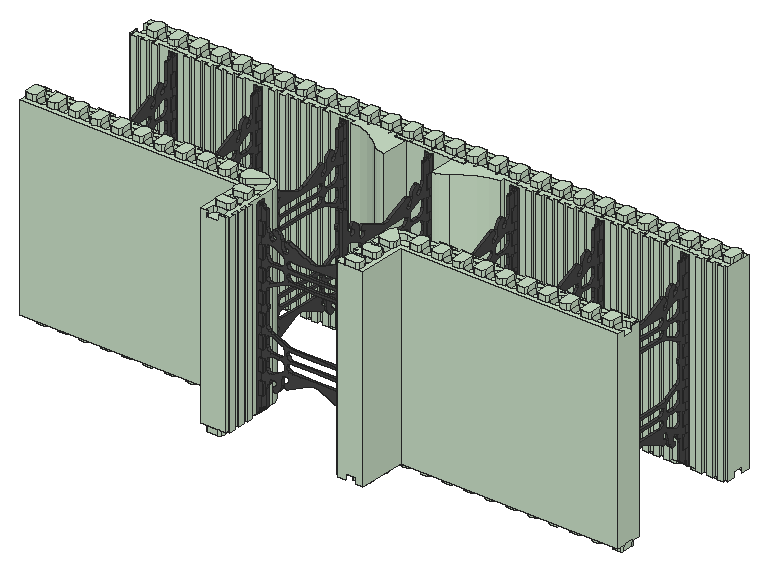
Revit family (continued)
Definition of nested family "Interlock Tooth"
  Forms (in)
    Extrusion 1, solid, material "NUDURA Expanded Polystyrene Foam Insulation"
      sketch origin (0, -8.875, 0) x (1, 0, 0) y (0, 1, 0)
        loop
          arc (0, 3.97692) -> (0.04785, 3.82983) -> (0.17308, 3.73905) r 0.25
          arc (0.17308, 3.73905) -> (0.5, 3.6875) -> (0.82692, 3.73905) r 1.0625
          arc (0.82692, 3.73905) -> (0.95215, 3.82983) -> (1, 3.97692) r 0.25
          line (1, 3.97692) -> (1, 4.89808)
          arc (1, 4.89808) -> (0.95215, 5.04517) -> (0.82692, 5.13595) r 0.25
          arc (0.82692, 5.13595) -> (0.5, 5.1875) -> (0.17308, 5.13595) r 1.0625
          arc (0.17308, 5.13595) -> (0.04785, 5.04517) -> (0, 4.89808) r 0.25
          line (0, 4.89808) -> (0, 3.97692)
      from 18 to 18.5
  Dimensions and locks (in)
    locked: plane 4 to level at 18
    locked: plane 4 to plane 5 at 0.5
    locked: plane 6 to level at 0.5
Definition of nested family "10-inch Insert Web"
  Reference planes (in)
    plane 1 "Center (Front/Back)": y = 0
    plane 2: z = 0
    plane 3 "Center (Left/Right)": x = 0
  Forms (in)
    Extrusion 1, solid, material "High Density Polystyrene"
      sketch origin (0, 0, 0) x (0, 1, 0) y (0, 0, 1)
        loop
          line (5.25, 0) -> (5.25, 17.74583)
          arc (5.25, 17.74583) -> (5.22112, 17.72608) -> (5.21, 17.69292) r 0.055
          line (5.21, 17.69292) -> (5.21, 0.05292)
          arc (5.21, 0.05292) -> (5.22112, 0.01975) -> (5.25, 0) r 0.055
        loop
          arc (-5.25, 0) -> (-5.22112, 0.01975) -> (-5.21, 0.05292) r 0.055
          line (-5.21, 0.05292) -> (-5.21, 17.69292)
          arc (-5.21, 17.69292) -> (-5.22112, 17.72608) -> (-5.25, 17.74583) r 0.055
          line (-5.25, 17.74583) -> (-5.25, 0)
      from 0.36328 to -0.36328
    Extrusion 2, solid, material "High Density Polystyrene"
      sketch origin (0, 0, 0) x (0, 1, 0) y (0, 0, 1)
        loop
          arc (5.18889, 17.40785) -> (5.20374, 17.40241) -> (5.21, 17.38789) r 0.02
          line (5.21, 17.38789) -> (5.21, 17.63668)
          arc (5.21, 17.63668) -> (5.20585, 17.62147) -> (5.19457, 17.61045) r 0.03
          line (5.19457, 17.61045) -> (5.12543, 17.57204)
          arc (5.12543, 17.57204) -> (5.11414, 17.56103) -> (5.11, 17.54582) r 0.03
          line (5.11, 17.54582) -> (5.11, 17.42461)
          arc (5.11, 17.42461) -> (5.11625, 17.41008) -> (5.13111, 17.40464) r 0.02
          line (5.13111, 17.40464) -> (5.18889, 17.40785)
        loop
          line (-5.12543, 17.57204) -> (-5.19457, 17.61045)
          arc (-5.19457, 17.61045) -> (-5.20585, 17.62147) -> (-5.21, 17.63668) r 0.03
          line (-5.21, 17.63668) -> (-5.21, 17.38789)
          arc (-5.21, 17.38789) -> (-5.20374, 17.40241) -> (-5.18889, 17.40785) r 0.02
          line (-5.18889, 17.40785) -> (-5.13111, 17.40464)
          arc (-5.13111, 17.40464) -> (-5.11625, 17.41008) -> (-5.11, 17.42461) r 0.02
          line (-5.11, 17.42461) -> (-5.11, 17.54582)
          arc (-5.11, 17.54582) -> (-5.11414, 17.56103) -> (-5.12543, 17.57204) r 0.03
        loop
          line (5.18889, 0.33798) -> (5.13111, 0.34119)
          arc (5.13111, 0.34119) -> (5.11625, 0.33575) -> (5.11, 0.32122) r 0.02
          line (5.11, 0.32122) -> (5.11, 0.20001)
          arc (5.11, 0.20001) -> (5.11414, 0.1848) -> (5.12543, 0.17379) r 0.03
          line (5.12543, 0.17379) -> (5.19457, 0.13538)
          arc (5.19457, 0.13538) -> (5.20585, 0.12437) -> (5.21, 0.10915) r 0.03
          line (5.21, 0.10915) -> (5.21, 0.35795)
          arc (5.21, 0.35795) -> (5.20374, 0.34342) -> (5.18889, 0.33798) r 0.02
        loop
          arc (-5.12543, 0.17379) -> (-5.11414, 0.1848) -> (-5.11, 0.20001) r 0.03
          line (-5.11, 0.20001) -> (-5.11, 0.32122)
          arc (-5.11, 0.32122) -> (-5.11625, 0.33575) -> (-5.13111, 0.34119) r 0.02
          line (-5.13111, 0.34119) -> (-5.18889, 0.33798)
          arc (-5.18889, 0.33798) -> (-5.20374, 0.34342) -> (-5.21, 0.35795) r 0.02
          line (-5.21, 0.35795) -> (-5.21, 0.10915)
          arc (-5.21, 0.10915) -> (-5.20585, 0.12437) -> (-5.19457, 0.13538) r 0.03
          line (-5.19457, 0.13538) -> (-5.12543, 0.17379)
        loop
          line (5, 17.20772) -> (4.925, 17.43772)
          arc (4.925, 17.43772) -> (4.875, 17.46772) -> (4.825, 17.43772) r 0.05667
          line (4.825, 17.43772) -> (4.77609, 17.28772) -> (4.64893, 17.28772)
          arc (4.64893, 17.28772) -> (4.61433, 17.27339) -> (4.6, 17.2388) r 0.04893
          line (4.6, 17.2388) -> (4.6, 17.20772) -> (4.5, 17.20772) -> (4.5, 15.75595)
          arc (4.5, 15.75595) -> (4.43087, 15.489) -> (4.24086, 15.28915) r 0.55
          arc (4.24086, 15.28915) -> (4.19232, 15.23289) -> (4.1843, 15.15901) r 0.125
          arc (4.1843, 15.15901) -> (3.73923, 14.83241) -> (3.77171, 15.3835) r 0.305
          arc (3.77171, 15.3835) -> (3.89426, 15.66948) -> (3.60829, 15.79202) r 0.22
          arc (3.60829, 15.79202) -> (3.25428, 15.49683) -> (3.14171, 15.04986) r 0.745
          arc (3.14171, 15.04986) -> (3.09808, 14.63491) -> (2.96932, 14.23805) r 2
          arc (2.96932, 14.23805) -> (2.47025, 14.23431) -> (2.63581, 14.70513) r 0.305
          arc (2.63581, 14.70513) -> (2.78874, 15.03658) -> (2.43743, 15.1357) r 0.24
          line (2.43743, 15.1357) -> (0.5, 14.2255)
          arc (0.5, 14.2255) -> (0.25681, 14.13776) -> (0, 14.10798) r 1.12236
          arc (0, 14.10798) -> (-0.25681, 14.13776) -> (-0.5, 14.2255) r 1.12236
          line (-0.5, 14.2255) -> (-2.43743, 15.1357)
          arc (-2.43743, 15.1357) -> (-2.78874, 15.03658) -> (-2.63581, 14.70513) r 0.24
          arc (-2.63581, 14.70513) -> (-2.47025, 14.23431) -> (-2.96932, 14.23805) r 0.305
          arc (-2.96932, 14.23805) -> (-3.09808, 14.63491) -> (-3.14171, 15.04986) r 2
          arc (-3.14171, 15.04986) -> (-3.25428, 15.49683) -> (-3.60829, 15.79202) r 0.745
          arc (-3.60829, 15.79202) -> (-3.89426, 15.66948) -> (-3.77171, 15.3835) r 0.22
          arc (-3.77171, 15.3835) -> (-3.73923, 14.83241) -> (-4.1843, 15.15901) r 0.305
          arc (-4.1843, 15.15901) -> (-4.19232, 15.23289) -> (-4.24086, 15.28915) r 0.125
          arc (-4.24086, 15.28915) -> (-4.43087, 15.489) -> (-4.5, 15.75595) r 0.55
          line (-4.5, 15.75595) -> (-4.5, 17.20772) -> (-4.6, 17.20772) -> (-4.6, 17.2388)
          arc (-4.6, 17.2388) -> (-4.61433, 17.27339) -> (-4.64893, 17.28772) r 0.04893
          line (-4.64893, 17.28772) -> (-4.77609, 17.28772) -> (-4.825, 17.43772)
          arc (-4.825, 17.43772) -> (-4.875, 17.46772) -> (-4.925, 17.43772) r 0.05667
          line (-4.925, 17.43772) -> (-5, 17.20772) -> (-5, 0.66519) -> (-4.925, 0.43519)
          arc (-4.925, 0.43519) -> (-4.875, 0.40519) -> (-4.825, 0.43519) r 0.05667
          line (-4.825, 0.43519) -> (-4.77609, 0.58519) -> (-4.64893, 0.58519)
          arc (-4.64893, 0.58519) -> (-4.61433, 0.59952) -> (-4.6, 0.63412) r 0.04893
          line (-4.6, 0.63412) -> (-4.6, 0.66519) -> (-4.5, 0.66519) -> (-4.5, 2.24405)
          arc (-4.5, 2.24405) -> (-4.43087, 2.511) -> (-4.24086, 2.71085) r 0.55
          arc (-4.24086, 2.71085) -> (-4.19232, 2.76711) -> (-4.1843, 2.84099) r 0.125
          arc (-4.1843, 2.84099) -> (-3.73923, 3.16759) -> (-3.77171, 2.6165) r 0.305
          arc (-3.77171, 2.6165) -> (-3.89426, 2.33052) -> (-3.60829, 2.20798) r 0.22
          arc (-3.60829, 2.20798) -> (-3.25428, 2.50317) -> (-3.14171, 2.95014) r 0.745
          arc (-3.14171, 2.95014) -> (-3.09808, 3.36509) -> (-2.96932, 3.76195) r 2
          arc (-2.96932, 3.76195) -> (-2.47025, 3.76569) -> (-2.63581, 3.29487) r 0.305
          arc (-2.63581, 3.29487) -> (-2.78874, 2.96342) -> (-2.43743, 2.8643) r 0.24
          line (-2.43743, 2.8643) -> (-0.5, 3.7745)
          arc (-0.5, 3.7745) -> (-0.25681, 3.86224) -> (0, 3.89202) r 1.12236
          arc (0, 3.89202) -> (0.25681, 3.86224) -> (0.5, 3.7745) r 1.12236
          line (0.5, 3.7745) -> (2.43743, 2.8643)
          arc (2.43743, 2.8643) -> (2.78874, 2.96342) -> (2.63581, 3.29487) r 0.24
          arc (2.63581, 3.29487) -> (2.47025, 3.76569) -> (2.96932, 3.76195) r 0.305
          arc (2.96932, 3.76195) -> (3.09808, 3.36509) -> (3.14171, 2.95014) r 2
          arc (3.14171, 2.95014) -> (3.25428, 2.50317) -> (3.60829, 2.20798) r 0.745
          arc (3.60829, 2.20798) -> (3.89426, 2.33052) -> (3.77171, 2.6165) r 0.22
          arc (3.77171, 2.6165) -> (3.73923, 3.16759) -> (4.1843, 2.84099) r 0.305
          arc (4.1843, 2.84099) -> (4.19232, 2.76711) -> (4.24086, 2.71085) r 0.125
          arc (4.24086, 2.71085) -> (4.43087, 2.511) -> (4.5, 2.24405) r 0.55
          line (4.5, 2.24405) -> (4.5, 0.66519) -> (4.6, 0.66519) -> (4.6, 0.63412)
          arc (4.6, 0.63412) -> (4.61433, 0.59952) -> (4.64893, 0.58519) r 0.04893
          line (4.64893, 0.58519) -> (4.77609, 0.58519) -> (4.825, 0.43519)
          arc (4.825, 0.43519) -> (4.875, 0.40519) -> (4.925, 0.43519) r 0.05667
          line (4.925, 0.43519) -> (5, 0.66519) -> (5, 17.20772)
        loop
          line (0, 13.70798) -> (-2.02401, 13.70798)
          arc (-2.02401, 13.70798) -> (-2.16288, 13.71227) -> (-2.30123, 13.72512) r 2.25
          arc (-2.30123, 13.72512) -> (-2.48146, 13.58635) -> (-2.6, 13.39222) r 0.62421
          line (-2.6, 13.39222) -> (-2.6, 13.26627)
          arc (-2.6, 13.26627) -> (-2.45481, 13.03646) -> (-2.225, 12.89127) r 0.61747
          line (-2.225, 12.89127) -> (0, 12.89127) -> (2.225, 12.89127)
          arc (2.225, 12.89127) -> (2.45481, 13.03646) -> (2.6, 13.26627) r 0.61747
          line (2.6, 13.26627) -> (2.6, 13.39222)
          arc (2.6, 13.39222) -> (2.48146, 13.58635) -> (2.30123, 13.72512) r 0.62421
          arc (2.30123, 13.72512) -> (2.16288, 13.71227) -> (2.02401, 13.70798) r 2.25
          line (2.02401, 13.70798) -> (0, 13.70798)
        loop
          line (0, 12.71127) -> (-2.22579, 12.71127)
          arc (-2.22579, 12.71127) -> (-2.4551, 12.56606) -> (-2.6, 12.33655) r 0.61747
          line (-2.6, 12.33655) -> (-2.6, 12.21055)
          arc (-2.6, 12.21055) -> (-2.48148, 12.01645) -> (-2.3013, 11.87769) r 0.62421
          arc (-2.3013, 11.87769) -> (-2.16251, 11.89062) -> (-2.02319, 11.89494) r 2.25
          line (-2.02319, 11.89494) -> (0, 11.89494) -> (2.02319, 11.89494)
          arc (2.02319, 11.89494) -> (2.16251, 11.89062) -> (2.3013, 11.87769) r 2.25
          arc (2.3013, 11.87769) -> (2.48148, 12.01645) -> (2.6, 12.21055) r 0.62421
          line (2.6, 12.21055) -> (2.6, 12.33655)
          arc (2.6, 12.33655) -> (2.4551, 12.56606) -> (2.22579, 12.71127) r 0.61747
          line (2.22579, 12.71127) -> (0, 12.71127)
        loop
          line (3.08806, 11.63079) -> (3.96605, 11.21989)
          arc (3.96605, 11.21989) -> (4.32627, 11.24313) -> (4.5, 11.55954) r 0.375
          line (4.5, 11.55954) -> (4.5, 12.08627)
          arc (4.5, 12.08627) -> (4.31694, 12.52821) -> (3.875, 12.71127) r 0.625
          line (3.875, 12.71127) -> (3.3, 12.71127)
          arc (3.3, 12.71127) -> (2.94645, 12.56482) -> (2.8, 12.21127) r 0.5
          line (2.8, 12.21127) -> (2.8, 12.08365)
          arc (2.8, 12.08365) -> (2.87812, 11.81529) -> (3.08806, 11.63079) r 0.5
        loop
          line (4.5, 13.51627) -> (4.5, 14.04299)
          arc (4.5, 14.04299) -> (4.32627, 14.35941) -> (3.96605, 14.38264) r 0.375
          line (3.96605, 14.38264) -> (3.08806, 13.97174)
          arc (3.08806, 13.97174) -> (2.87812, 13.78724) -> (2.8, 13.51888) r 0.5
          line (2.8, 13.51888) -> (2.8, 13.39127)
          arc (2.8, 13.39127) -> (2.94645, 13.03771) -> (3.3, 12.89127) r 0.5
          line (3.3, 12.89127) -> (3.875, 12.89127)
          arc (3.875, 12.89127) -> (4.31694, 13.07433) -> (4.5, 13.51627) r 0.625
        loop
          line (4.21194, 10.90608) -> (2.95372, 11.49492)
          arc (2.95372, 11.49492) -> (2.48851, 11.65338) -> (2, 11.70705) r 2.25
          line (2, 11.70705) -> (0, 11.70705) -> (-2, 11.70705)
          arc (-2, 11.70705) -> (-2.48851, 11.65338) -> (-2.95372, 11.49492) r 2.25
          line (-2.95372, 11.49492) -> (-4.21194, 10.90608)
          arc (-4.21194, 10.90608) -> (-4.42188, 10.72158) -> (-4.5, 10.45322) r 0.5
          line (-4.5, 10.45322) -> (-4.5, 9.31235) -> (-4.38, 9.11235) -> (-4.38, 9) -> (-4.38, 8.88765) -> (-4.5, 8.68765) -> (-4.5, 7.54678)
          arc (-4.5, 7.54678) -> (-4.42188, 7.27842) -> (-4.21194, 7.09392) r 0.5
          line (-4.21194, 7.09392) -> (-2.95372, 6.50508)
          arc (-2.95372, 6.50508) -> (-2.48851, 6.34662) -> (-2, 6.29295) r 2.25
          line (-2, 6.29295) -> (0, 6.29295) -> (2, 6.29295)
          arc (2, 6.29295) -> (2.48851, 6.34662) -> (2.95372, 6.50508) r 2.25
          line (2.95372, 6.50508) -> (4.21194, 7.09392)
          arc (4.21194, 7.09392) -> (4.42188, 7.27842) -> (4.5, 7.54678) r 0.5
          line (4.5, 7.54678) -> (4.5, 8.68765) -> (4.38, 8.88765) -> (4.38, 9) -> (4.38, 9.11235) -> (4.5, 9.31235) -> (4.5, 10.45322)
          arc (4.5, 10.45322) -> (4.42188, 10.72158) -> (4.21194, 10.90608) r 0.5
        loop
          arc (-3.08806, 11.63079) -> (-2.87812, 11.81529) -> (-2.8, 12.08365) r 0.5
          line (-2.8, 12.08365) -> (-2.8, 12.21127)
          arc (-2.8, 12.21127) -> (-2.94645, 12.56482) -> (-3.3, 12.71127) r 0.5
          line (-3.3, 12.71127) -> (-3.875, 12.71127)
          arc (-3.875, 12.71127) -> (-4.31694, 12.52821) -> (-4.5, 12.08627) r 0.625
          line (-4.5, 12.08627) -> (-4.5, 11.55954)
          arc (-4.5, 11.55954) -> (-4.32627, 11.24313) -> (-3.96605, 11.21989) r 0.375
          line (-3.96605, 11.21989) -> (-3.08806, 11.63079)
        loop
          arc (-4.5, 13.51627) -> (-4.31694, 13.07433) -> (-3.875, 12.89127) r 0.625
          line (-3.875, 12.89127) -> (-3.3, 12.89127)
          arc (-3.3, 12.89127) -> (-2.94645, 13.03771) -> (-2.8, 13.39127) r 0.5
          line (-2.8, 13.39127) -> (-2.8, 13.51888)
          arc (-2.8, 13.51888) -> (-2.87812, 13.78724) -> (-3.08806, 13.97174) r 0.5
          line (-3.08806, 13.97174) -> (-3.96605, 14.38264)
          arc (-3.96605, 14.38264) -> (-4.32627, 14.35941) -> (-4.5, 14.04299) r 0.375
          line (-4.5, 14.04299) -> (-4.5, 13.51627)
        loop
          line (0, 4.29202) -> (2.02401, 4.29202)
          arc (2.02401, 4.29202) -> (2.16288, 4.28773) -> (2.30123, 4.27488) r 2.25
          arc (2.30123, 4.27488) -> (2.48146, 4.41365) -> (2.6, 4.60778) r 0.62421
          line (2.6, 4.60778) -> (2.6, 4.73373)
          arc (2.6, 4.73373) -> (2.45481, 4.96354) -> (2.225, 5.10873) r 0.61747
          line (2.225, 5.10873) -> (0, 5.10873) -> (-2.225, 5.10873)
          arc (-2.225, 5.10873) -> (-2.45481, 4.96354) -> (-2.6, 4.73373) r 0.61747
          line (-2.6, 4.73373) -> (-2.6, 4.60778)
          arc (-2.6, 4.60778) -> (-2.48146, 4.41365) -> (-2.30123, 4.27488) r 0.62421
          arc (-2.30123, 4.27488) -> (-2.16288, 4.28773) -> (-2.02401, 4.29202) r 2.25
          line (-2.02401, 4.29202) -> (0, 4.29202)
        loop
          line (0, 5.28873) -> (2.22579, 5.28873)
          arc (2.22579, 5.28873) -> (2.4551, 5.43394) -> (2.6, 5.66345) r 0.61747
          line (2.6, 5.66345) -> (2.6, 5.78945)
          arc (2.6, 5.78945) -> (2.48148, 5.98355) -> (2.3013, 6.12231) r 0.62421
          arc (2.3013, 6.12231) -> (2.16251, 6.10938) -> (2.02319, 6.10506) r 2.25
          line (2.02319, 6.10506) -> (0, 6.10506) -> (-2.02319, 6.10506)
          arc (-2.02319, 6.10506) -> (-2.16251, 6.10938) -> (-2.3013, 6.12231) r 2.25
          arc (-2.3013, 6.12231) -> (-2.48148, 5.98355) -> (-2.6, 5.78945) r 0.62421
          line (-2.6, 5.78945) -> (-2.6, 5.66345)
          arc (-2.6, 5.66345) -> (-2.4551, 5.43394) -> (-2.22579, 5.28873) r 0.61747
          line (-2.22579, 5.28873) -> (0, 5.28873)
        loop
          arc (3.08806, 6.36921) -> (2.87812, 6.18471) -> (2.8, 5.91635) r 0.5
          line (2.8, 5.91635) -> (2.8, 5.78873)
          arc (2.8, 5.78873) -> (2.94645, 5.43518) -> (3.3, 5.28873) r 0.5
          line (3.3, 5.28873) -> (3.875, 5.28873)
          arc (3.875, 5.28873) -> (4.31694, 5.47179) -> (4.5, 5.91373) r 0.625
          line (4.5, 5.91373) -> (4.5, 6.44046)
          arc (4.5, 6.44046) -> (4.32627, 6.75687) -> (3.96605, 6.78011) r 0.375
          line (3.96605, 6.78011) -> (3.08806, 6.36921)
        loop
          arc (4.5, 4.48373) -> (4.31694, 4.92567) -> (3.875, 5.10873) r 0.625
          line (3.875, 5.10873) -> (3.3, 5.10873)
          arc (3.3, 5.10873) -> (2.94645, 4.96229) -> (2.8, 4.60873) r 0.5
          line (2.8, 4.60873) -> (2.8, 4.48112)
          arc (2.8, 4.48112) -> (2.87812, 4.21276) -> (3.08806, 4.02826) r 0.5
          line (3.08806, 4.02826) -> (3.96605, 3.61736)
          arc (3.96605, 3.61736) -> (4.32627, 3.64059) -> (4.5, 3.95701) r 0.375
          line (4.5, 3.95701) -> (4.5, 4.48373)
        loop
          line (-3.08806, 6.36921) -> (-3.96605, 6.78011)
          arc (-3.96605, 6.78011) -> (-4.32627, 6.75687) -> (-4.5, 6.44046) r 0.375
          line (-4.5, 6.44046) -> (-4.5, 5.91373)
          arc (-4.5, 5.91373) -> (-4.31694, 5.47179) -> (-3.875, 5.28873) r 0.625
          line (-3.875, 5.28873) -> (-3.3, 5.28873)
          arc (-3.3, 5.28873) -> (-2.94645, 5.43518) -> (-2.8, 5.78873) r 0.5
          line (-2.8, 5.78873) -> (-2.8, 5.91635)
          arc (-2.8, 5.91635) -> (-2.87812, 6.18471) -> (-3.08806, 6.36921) r 0.5
        loop
          line (-4.5, 4.48373) -> (-4.5, 3.95701)
          arc (-4.5, 3.95701) -> (-4.32627, 3.64059) -> (-3.96605, 3.61736) r 0.375
          line (-3.96605, 3.61736) -> (-3.08806, 4.02826)
          arc (-3.08806, 4.02826) -> (-2.87812, 4.21276) -> (-2.8, 4.48112) r 0.5
          line (-2.8, 4.48112) -> (-2.8, 4.60873)
          arc (-2.8, 4.60873) -> (-2.94645, 4.96229) -> (-3.3, 5.10873) r 0.5
          line (-3.3, 5.10873) -> (-3.875, 5.10873)
          arc (-3.875, 5.10873) -> (-4.31694, 4.92567) -> (-4.5, 4.48373) r 0.625
      from 0.125 to -0.125
    Extrusion 3, solid, material "High Density Polystyrene"
      sketch origin (0, 0, 0) x (0, 1, 0) y (0, 0, 1)
        loop
          line (5.21, 16.17792) -> (4.71, 16.17792) -> (4.71, 14.97792) -> (5.21, 14.97792) -> (5.21, 16.17792)
        loop
          line (5.21, 14.22792) -> (4.71, 14.22792) -> (4.71, 13.02792) -> (5.21, 13.02792) -> (5.21, 14.22792)
        loop
          line (5.21, 12.27792) -> (4.71, 12.27792) -> (4.71, 11.07792) -> (5.21, 11.07792) -> (5.21, 12.27792)
        loop
          line (5.21, 10.32792) -> (4.71, 10.32792) -> (4.71, 9.24792) -> (5.21, 9.24792) -> (5.21, 10.32792)
        loop
          line (5.21, 8.49792) -> (4.71, 8.49792) -> (4.71, 7.41792) -> (5.21, 7.41792) -> (5.21, 8.49792)
        loop
          line (5.21, 6.66792) -> (4.71, 6.66792) -> (4.71, 5.46792) -> (5.21, 5.46792) -> (5.21, 6.66792)
        loop
          line (5.21, 4.71792) -> (4.71, 4.71792) -> (4.71, 3.51792) -> (5.21, 3.51792) -> (5.21, 4.71792)
        loop
          line (5.21, 2.76792) -> (4.71, 2.76792) -> (4.71, 1.56792) -> (5.21, 1.56792) -> (5.21, 2.76792)
        loop
          line (-5.21, 16.17792) -> (-5.21, 14.97792) -> (-4.71, 14.97792) -> (-4.71, 16.17792) -> (-5.21, 16.17792)
        loop
          line (-5.21, 14.22792) -> (-5.21, 13.02792) -> (-4.71, 13.02792) -> (-4.71, 14.22792) -> (-5.21, 14.22792)
        loop
          line (-5.21, 12.27792) -> (-5.21, 11.07792) -> (-4.71, 11.07792) -> (-4.71, 12.27792) -> (-5.21, 12.27792)
        loop
          line (-5.21, 10.32792) -> (-5.21, 9.24792) -> (-4.71, 9.24792) -> (-4.71, 10.32792) -> (-5.21, 10.32792)
        loop
          line (-5.21, 8.49792) -> (-5.21, 7.41792) -> (-4.71, 7.41792) -> (-4.71, 8.49792) -> (-5.21, 8.49792)
        loop
          line (-5.21, 6.66792) -> (-5.21, 5.46792) -> (-4.71, 5.46792) -> (-4.71, 6.66792) -> (-5.21, 6.66792)
        loop
          line (-5.21, 4.71792) -> (-5.21, 3.51792) -> (-4.71, 3.51792) -> (-4.71, 4.71792) -> (-5.21, 4.71792)
        loop
          line (-5.21, 2.76792) -> (-5.21, 1.56792) -> (-4.71, 1.56792) -> (-4.71, 2.76792) -> (-5.21, 2.76792)
      from 0.25 to -0.25
    Extrusion 4, void
      sketch origin (0, 2, 0) x (1, 0, 0) y (0, 1, 0)
        loop
          line (-0.25, 2.79249) -> (-0.25, 2.71) -> (-0.1675, 2.71)
          arc (-0.1675, 2.71) -> (-0.22584, 2.73416) -> (-0.25, 2.79249) r 0.0825
      from 0 to 18
    Extrusion 5, void
      sketch origin (0, 2, 0) x (-1, 0, 0) y (0, -1, 0)
        loop
          arc (-0.25, -2.79249) -> (-0.22584, -2.73416) -> (-0.1675, -2.71) r 0.0825
          line (-0.1675, -2.71) -> (-0.25, -2.71) -> (-0.25, -2.79249)
      from 0 to 18
    Extrusion 6, void
      sketch origin (0, -2, 0) x (1, 0, 0) y (0, 1, 0)
        loop
          arc (-0.25, -2.79249) -> (-0.22584, -2.73416) -> (-0.1675, -2.71) r 0.0825
          line (-0.1675, -2.71) -> (-0.25, -2.71) -> (-0.25, -2.79249)
      from 0 to 18
    Extrusion 7, void
      sketch origin (0, -2, 0) x (-1, 0, 0) y (0, -1, 0)
        loop
          line (-0.25, 2.79249) -> (-0.25, 2.71) -> (-0.1675, 2.71)
          arc (-0.1675, 2.71) -> (-0.22584, 2.73416) -> (-0.25, 2.79249) r 0.0825
      from 0 to 18
  Cuts and joins
    Extrusion 4, Extrusion 5, Extrusion 6, Extrusion 7 cuts Extrusion 1
    Extrusion 4, Extrusion 5, Extrusion 6, Extrusion 7 cuts Extrusion 3
Definition of nested family "10-inch Insert Web w One Fastening Strip"
  Reference planes (in)
    plane 1 "Center (Front/Back)": y = 0
    plane 2: z = 0
    plane 3 "Center (Left/Right)": x = 0
  Forms (in)
    Extrusion 1, solid, material "High Density Polystyrene"
      sketch origin (0, 0, 0) x (0, 1, 0) y (0, 0, 1)
        loop
          arc (-5.25, 0) -> (-5.22112, 0.01975) -> (-5.21, 0.05292) r 0.055
          line (-5.21, 0.05292) -> (-5.21, 17.69292)
          arc (-5.21, 17.69292) -> (-5.22112, 17.72608) -> (-5.25, 17.74583) r 0.055
          line (-5.25, 17.74583) -> (-5.25, 0)
      from 0.36328 to -0.36328
    Extrusion 2, solid, material "High Density Polystyrene"
      sketch origin (0, 0, 0) x (0, 1, 0) y (0, 0, 1)
        loop
          line (-5.12543, 17.57204) -> (-5.19457, 17.61045)
          arc (-5.19457, 17.61045) -> (-5.20585, 17.62147) -> (-5.21, 17.63668) r 0.03
          line (-5.21, 17.63668) -> (-5.21, 17.38789)
          arc (-5.21, 17.38789) -> (-5.20374, 17.40241) -> (-5.18889, 17.40785) r 0.02
          line (-5.18889, 17.40785) -> (-5.13111, 17.40464)
          arc (-5.13111, 17.40464) -> (-5.11625, 17.41008) -> (-5.11, 17.42461) r 0.02
          line (-5.11, 17.42461) -> (-5.11, 17.54582)
          arc (-5.11, 17.54582) -> (-5.11414, 17.56103) -> (-5.12543, 17.57204) r 0.03
        loop
          arc (-5.12543, 0.17379) -> (-5.11414, 0.1848) -> (-5.11, 0.20001) r 0.03
          line (-5.11, 0.20001) -> (-5.11, 0.32122)
          arc (-5.11, 0.32122) -> (-5.11625, 0.33575) -> (-5.13111, 0.34119) r 0.02
          line (-5.13111, 0.34119) -> (-5.18889, 0.33798)
          arc (-5.18889, 0.33798) -> (-5.20374, 0.34342) -> (-5.21, 0.35795) r 0.02
          line (-5.21, 0.35795) -> (-5.21, 0.10915)
          arc (-5.21, 0.10915) -> (-5.20585, 0.12437) -> (-5.19457, 0.13538) r 0.03
          line (-5.19457, 0.13538) -> (-5.12543, 0.17379)
        loop
          line (5, 17.20772) -> (4.925, 17.43772)
          arc (4.925, 17.43772) -> (4.875, 17.46772) -> (4.825, 17.43772) r 0.05667
          line (4.825, 17.43772) -> (4.77609, 17.28772) -> (4.64893, 17.28772)
          arc (4.64893, 17.28772) -> (4.61433, 17.27339) -> (4.6, 17.2388) r 0.04893
          line (4.6, 17.2388) -> (4.6, 17.20772) -> (4.5, 17.20772) -> (4.5, 15.75595)
          arc (4.5, 15.75595) -> (4.43087, 15.489) -> (4.24086, 15.28915) r 0.55
          arc (4.24086, 15.28915) -> (4.19232, 15.23289) -> (4.1843, 15.15901) r 0.125
          arc (4.1843, 15.15901) -> (3.73923, 14.83241) -> (3.77171, 15.3835) r 0.305
          arc (3.77171, 15.3835) -> (3.89426, 15.66948) -> (3.60829, 15.79202) r 0.22
          arc (3.60829, 15.79202) -> (3.25428, 15.49683) -> (3.14171, 15.04986) r 0.745
          arc (3.14171, 15.04986) -> (3.09808, 14.63491) -> (2.96932, 14.23805) r 2
          arc (2.96932, 14.23805) -> (2.47025, 14.23431) -> (2.63581, 14.70513) r 0.305
          arc (2.63581, 14.70513) -> (2.78874, 15.03658) -> (2.43743, 15.1357) r 0.24
          line (2.43743, 15.1357) -> (0.5, 14.2255)
          arc (0.5, 14.2255) -> (0.25681, 14.13776) -> (0, 14.10798) r 1.12236
          arc (0, 14.10798) -> (-0.25681, 14.13776) -> (-0.5, 14.2255) r 1.12236
          line (-0.5, 14.2255) -> (-2.43743, 15.1357)
          arc (-2.43743, 15.1357) -> (-2.78874, 15.03658) -> (-2.63581, 14.70513) r 0.24
          arc (-2.63581, 14.70513) -> (-2.47025, 14.23431) -> (-2.96932, 14.23805) r 0.305
          arc (-2.96932, 14.23805) -> (-3.09808, 14.63491) -> (-3.14171, 15.04986) r 2
          arc (-3.14171, 15.04986) -> (-3.25428, 15.49683) -> (-3.60829, 15.79202) r 0.745
          arc (-3.60829, 15.79202) -> (-3.89426, 15.66948) -> (-3.77171, 15.3835) r 0.22
          arc (-3.77171, 15.3835) -> (-3.73923, 14.83241) -> (-4.1843, 15.15901) r 0.305
          arc (-4.1843, 15.15901) -> (-4.19232, 15.23289) -> (-4.24086, 15.28915) r 0.125
          arc (-4.24086, 15.28915) -> (-4.43087, 15.489) -> (-4.5, 15.75595) r 0.55
          line (-4.5, 15.75595) -> (-4.5, 17.20772) -> (-4.6, 17.20772) -> (-4.6, 17.2388)
          arc (-4.6, 17.2388) -> (-4.61433, 17.27339) -> (-4.64893, 17.28772) r 0.04893
          line (-4.64893, 17.28772) -> (-4.77609, 17.28772) -> (-4.825, 17.43772)
          arc (-4.825, 17.43772) -> (-4.875, 17.46772) -> (-4.925, 17.43772) r 0.05667
          line (-4.925, 17.43772) -> (-5, 17.20772) -> (-5, 0.66519) -> (-4.925, 0.43519)
          arc (-4.925, 0.43519) -> (-4.875, 0.40519) -> (-4.825, 0.43519) r 0.05667
          line (-4.825, 0.43519) -> (-4.77609, 0.58519) -> (-4.64893, 0.58519)
          arc (-4.64893, 0.58519) -> (-4.61433, 0.59952) -> (-4.6, 0.63412) r 0.04893
          line (-4.6, 0.63412) -> (-4.6, 0.66519) -> (-4.5, 0.66519) -> (-4.5, 2.24405)
          arc (-4.5, 2.24405) -> (-4.43087, 2.511) -> (-4.24086, 2.71085) r 0.55
          arc (-4.24086, 2.71085) -> (-4.19232, 2.76711) -> (-4.1843, 2.84099) r 0.125
          arc (-4.1843, 2.84099) -> (-3.73923, 3.16759) -> (-3.77171, 2.6165) r 0.305
          arc (-3.77171, 2.6165) -> (-3.89426, 2.33052) -> (-3.60829, 2.20798) r 0.22
          arc (-3.60829, 2.20798) -> (-3.25428, 2.50317) -> (-3.14171, 2.95014) r 0.745
          arc (-3.14171, 2.95014) -> (-3.09808, 3.36509) -> (-2.96932, 3.76195) r 2
          arc (-2.96932, 3.76195) -> (-2.47025, 3.76569) -> (-2.63581, 3.29487) r 0.305
          arc (-2.63581, 3.29487) -> (-2.78874, 2.96342) -> (-2.43743, 2.8643) r 0.24
          line (-2.43743, 2.8643) -> (-0.5, 3.7745)
          arc (-0.5, 3.7745) -> (-0.25681, 3.86224) -> (0, 3.89202) r 1.12236
          arc (0, 3.89202) -> (0.25681, 3.86224) -> (0.5, 3.7745) r 1.12236
          line (0.5, 3.7745) -> (2.43743, 2.8643)
          arc (2.43743, 2.8643) -> (2.78874, 2.96342) -> (2.63581, 3.29487) r 0.24
          arc (2.63581, 3.29487) -> (2.47025, 3.76569) -> (2.96932, 3.76195) r 0.305
          arc (2.96932, 3.76195) -> (3.09808, 3.36509) -> (3.14171, 2.95014) r 2
          arc (3.14171, 2.95014) -> (3.25428, 2.50317) -> (3.60829, 2.20798) r 0.745
          arc (3.60829, 2.20798) -> (3.89426, 2.33052) -> (3.77171, 2.6165) r 0.22
          arc (3.77171, 2.6165) -> (3.73923, 3.16759) -> (4.1843, 2.84099) r 0.305
          arc (4.1843, 2.84099) -> (4.19232, 2.76711) -> (4.24086, 2.71085) r 0.125
          arc (4.24086, 2.71085) -> (4.43087, 2.511) -> (4.5, 2.24405) r 0.55
          line (4.5, 2.24405) -> (4.5, 0.66519) -> (4.6, 0.66519) -> (4.6, 0.63412)
          arc (4.6, 0.63412) -> (4.61433, 0.59952) -> (4.64893, 0.58519) r 0.04893
          line (4.64893, 0.58519) -> (4.77609, 0.58519) -> (4.825, 0.43519)
          arc (4.825, 0.43519) -> (4.875, 0.40519) -> (4.925, 0.43519) r 0.05667
          line (4.925, 0.43519) -> (5, 0.66519) -> (5, 17.20772)
        loop
          line (0, 13.70798) -> (-2.02401, 13.70798)
          arc (-2.02401, 13.70798) -> (-2.16288, 13.71227) -> (-2.30123, 13.72512) r 2.25
          arc (-2.30123, 13.72512) -> (-2.48146, 13.58635) -> (-2.6, 13.39222) r 0.62421
          line (-2.6, 13.39222) -> (-2.6, 13.26627)
          arc (-2.6, 13.26627) -> (-2.45481, 13.03646) -> (-2.225, 12.89127) r 0.61747
          line (-2.225, 12.89127) -> (0, 12.89127) -> (2.225, 12.89127)
          arc (2.225, 12.89127) -> (2.45481, 13.03646) -> (2.6, 13.26627) r 0.61747
          line (2.6, 13.26627) -> (2.6, 13.39222)
          arc (2.6, 13.39222) -> (2.48146, 13.58635) -> (2.30123, 13.72512) r 0.62421
          arc (2.30123, 13.72512) -> (2.16288, 13.71227) -> (2.02401, 13.70798) r 2.25
          line (2.02401, 13.70798) -> (0, 13.70798)
        loop
          line (0, 12.71127) -> (-2.22579, 12.71127)
          arc (-2.22579, 12.71127) -> (-2.4551, 12.56606) -> (-2.6, 12.33655) r 0.61747
          line (-2.6, 12.33655) -> (-2.6, 12.21055)
          arc (-2.6, 12.21055) -> (-2.48148, 12.01645) -> (-2.3013, 11.87769) r 0.62421
          arc (-2.3013, 11.87769) -> (-2.16251, 11.89062) -> (-2.02319, 11.89494) r 2.25
          line (-2.02319, 11.89494) -> (0, 11.89494) -> (2.02319, 11.89494)
          arc (2.02319, 11.89494) -> (2.16251, 11.89062) -> (2.3013, 11.87769) r 2.25
          arc (2.3013, 11.87769) -> (2.48148, 12.01645) -> (2.6, 12.21055) r 0.62421
          line (2.6, 12.21055) -> (2.6, 12.33655)
          arc (2.6, 12.33655) -> (2.4551, 12.56606) -> (2.22579, 12.71127) r 0.61747
          line (2.22579, 12.71127) -> (0, 12.71127)
        loop
          line (3.08806, 11.63079) -> (3.96605, 11.21989)
          arc (3.96605, 11.21989) -> (4.32627, 11.24313) -> (4.5, 11.55954) r 0.375
          line (4.5, 11.55954) -> (4.5, 12.08627)
          arc (4.5, 12.08627) -> (4.31694, 12.52821) -> (3.875, 12.71127) r 0.625
          line (3.875, 12.71127) -> (3.3, 12.71127)
          arc (3.3, 12.71127) -> (2.94645, 12.56482) -> (2.8, 12.21127) r 0.5
          line (2.8, 12.21127) -> (2.8, 12.08365)
          arc (2.8, 12.08365) -> (2.87812, 11.81529) -> (3.08806, 11.63079) r 0.5
        loop
          line (4.5, 13.51627) -> (4.5, 14.04299)
          arc (4.5, 14.04299) -> (4.32627, 14.35941) -> (3.96605, 14.38264) r 0.375
          line (3.96605, 14.38264) -> (3.08806, 13.97174)
          arc (3.08806, 13.97174) -> (2.87812, 13.78724) -> (2.8, 13.51888) r 0.5
          line (2.8, 13.51888) -> (2.8, 13.39127)
          arc (2.8, 13.39127) -> (2.94645, 13.03771) -> (3.3, 12.89127) r 0.5
          line (3.3, 12.89127) -> (3.875, 12.89127)
          arc (3.875, 12.89127) -> (4.31694, 13.07433) -> (4.5, 13.51627) r 0.625
        loop
          line (4.21194, 10.90608) -> (2.95372, 11.49492)
          arc (2.95372, 11.49492) -> (2.48851, 11.65338) -> (2, 11.70705) r 2.25
          line (2, 11.70705) -> (0, 11.70705) -> (-2, 11.70705)
          arc (-2, 11.70705) -> (-2.48851, 11.65338) -> (-2.95372, 11.49492) r 2.25
          line (-2.95372, 11.49492) -> (-4.21194, 10.90608)
          arc (-4.21194, 10.90608) -> (-4.42188, 10.72158) -> (-4.5, 10.45322) r 0.5
          line (-4.5, 10.45322) -> (-4.5, 9.31235) -> (-4.38, 9.11235) -> (-4.38, 9) -> (-4.38, 8.88765) -> (-4.5, 8.68765) -> (-4.5, 7.54678)
          arc (-4.5, 7.54678) -> (-4.42188, 7.27842) -> (-4.21194, 7.09392) r 0.5
          line (-4.21194, 7.09392) -> (-2.95372, 6.50508)
          arc (-2.95372, 6.50508) -> (-2.48851, 6.34662) -> (-2, 6.29295) r 2.25
          line (-2, 6.29295) -> (0, 6.29295) -> (2, 6.29295)
          arc (2, 6.29295) -> (2.48851, 6.34662) -> (2.95372, 6.50508) r 2.25
          line (2.95372, 6.50508) -> (4.21194, 7.09392)
          arc (4.21194, 7.09392) -> (4.42188, 7.27842) -> (4.5, 7.54678) r 0.5
          line (4.5, 7.54678) -> (4.5, 8.68765) -> (4.38, 8.88765) -> (4.38, 9) -> (4.38, 9.11235) -> (4.5, 9.31235) -> (4.5, 10.45322)
          arc (4.5, 10.45322) -> (4.42188, 10.72158) -> (4.21194, 10.90608) r 0.5
        loop
          arc (-3.08806, 11.63079) -> (-2.87812, 11.81529) -> (-2.8, 12.08365) r 0.5
          line (-2.8, 12.08365) -> (-2.8, 12.21127)
          arc (-2.8, 12.21127) -> (-2.94645, 12.56482) -> (-3.3, 12.71127) r 0.5
          line (-3.3, 12.71127) -> (-3.875, 12.71127)
          arc (-3.875, 12.71127) -> (-4.31694, 12.52821) -> (-4.5, 12.08627) r 0.625
          line (-4.5, 12.08627) -> (-4.5, 11.55954)
          arc (-4.5, 11.55954) -> (-4.32627, 11.24313) -> (-3.96605, 11.21989) r 0.375
          line (-3.96605, 11.21989) -> (-3.08806, 11.63079)
        loop
          arc (-4.5, 13.51627) -> (-4.31694, 13.07433) -> (-3.875, 12.89127) r 0.625
          line (-3.875, 12.89127) -> (-3.3, 12.89127)
          arc (-3.3, 12.89127) -> (-2.94645, 13.03771) -> (-2.8, 13.39127) r 0.5
          line (-2.8, 13.39127) -> (-2.8, 13.51888)
          arc (-2.8, 13.51888) -> (-2.87812, 13.78724) -> (-3.08806, 13.97174) r 0.5
          line (-3.08806, 13.97174) -> (-3.96605, 14.38264)
          arc (-3.96605, 14.38264) -> (-4.32627, 14.35941) -> (-4.5, 14.04299) r 0.375
          line (-4.5, 14.04299) -> (-4.5, 13.51627)
        loop
          line (0, 4.29202) -> (2.02401, 4.29202)
          arc (2.02401, 4.29202) -> (2.16288, 4.28773) -> (2.30123, 4.27488) r 2.25
          arc (2.30123, 4.27488) -> (2.48146, 4.41365) -> (2.6, 4.60778) r 0.62421
          line (2.6, 4.60778) -> (2.6, 4.73373)
          arc (2.6, 4.73373) -> (2.45481, 4.96354) -> (2.225, 5.10873) r 0.61747
          line (2.225, 5.10873) -> (0, 5.10873) -> (-2.225, 5.10873)
          arc (-2.225, 5.10873) -> (-2.45481, 4.96354) -> (-2.6, 4.73373) r 0.61747
          line (-2.6, 4.73373) -> (-2.6, 4.60778)
          arc (-2.6, 4.60778) -> (-2.48146, 4.41365) -> (-2.30123, 4.27488) r 0.62421
          arc (-2.30123, 4.27488) -> (-2.16288, 4.28773) -> (-2.02401, 4.29202) r 2.25
          line (-2.02401, 4.29202) -> (0, 4.29202)
        loop
          line (0, 5.28873) -> (2.22579, 5.28873)
          arc (2.22579, 5.28873) -> (2.4551, 5.43394) -> (2.6, 5.66345) r 0.61747
          line (2.6, 5.66345) -> (2.6, 5.78945)
          arc (2.6, 5.78945) -> (2.48148, 5.98355) -> (2.3013, 6.12231) r 0.62421
          arc (2.3013, 6.12231) -> (2.16251, 6.10938) -> (2.02319, 6.10506) r 2.25
          line (2.02319, 6.10506) -> (0, 6.10506) -> (-2.02319, 6.10506)
          arc (-2.02319, 6.10506) -> (-2.16251, 6.10938) -> (-2.3013, 6.12231) r 2.25
          arc (-2.3013, 6.12231) -> (-2.48148, 5.98355) -> (-2.6, 5.78945) r 0.62421
          line (-2.6, 5.78945) -> (-2.6, 5.66345)
          arc (-2.6, 5.66345) -> (-2.4551, 5.43394) -> (-2.22579, 5.28873) r 0.61747
          line (-2.22579, 5.28873) -> (0, 5.28873)
        loop
          arc (3.08806, 6.36921) -> (2.87812, 6.18471) -> (2.8, 5.91635) r 0.5
          line (2.8, 5.91635) -> (2.8, 5.78873)
          arc (2.8, 5.78873) -> (2.94645, 5.43518) -> (3.3, 5.28873) r 0.5
          line (3.3, 5.28873) -> (3.875, 5.28873)
          arc (3.875, 5.28873) -> (4.31694, 5.47179) -> (4.5, 5.91373) r 0.625
          line (4.5, 5.91373) -> (4.5, 6.44046)
          arc (4.5, 6.44046) -> (4.32627, 6.75687) -> (3.96605, 6.78011) r 0.375
          line (3.96605, 6.78011) -> (3.08806, 6.36921)
        loop
          arc (4.5, 4.48373) -> (4.31694, 4.92567) -> (3.875, 5.10873) r 0.625
          line (3.875, 5.10873) -> (3.3, 5.10873)
          arc (3.3, 5.10873) -> (2.94645, 4.96229) -> (2.8, 4.60873) r 0.5
          line (2.8, 4.60873) -> (2.8, 4.48112)
          arc (2.8, 4.48112) -> (2.87812, 4.21276) -> (3.08806, 4.02826) r 0.5
          line (3.08806, 4.02826) -> (3.96605, 3.61736)
          arc (3.96605, 3.61736) -> (4.32627, 3.64059) -> (4.5, 3.95701) r 0.375
          line (4.5, 3.95701) -> (4.5, 4.48373)
        loop
          line (-3.08806, 6.36921) -> (-3.96605, 6.78011)
          arc (-3.96605, 6.78011) -> (-4.32627, 6.75687) -> (-4.5, 6.44046) r 0.375
          line (-4.5, 6.44046) -> (-4.5, 5.91373)
          arc (-4.5, 5.91373) -> (-4.31694, 5.47179) -> (-3.875, 5.28873) r 0.625
          line (-3.875, 5.28873) -> (-3.3, 5.28873)
          arc (-3.3, 5.28873) -> (-2.94645, 5.43518) -> (-2.8, 5.78873) r 0.5
          line (-2.8, 5.78873) -> (-2.8, 5.91635)
          arc (-2.8, 5.91635) -> (-2.87812, 6.18471) -> (-3.08806, 6.36921) r 0.5
        loop
          line (-4.5, 4.48373) -> (-4.5, 3.95701)
          arc (-4.5, 3.95701) -> (-4.32627, 3.64059) -> (-3.96605, 3.61736) r 0.375
          line (-3.96605, 3.61736) -> (-3.08806, 4.02826)
          arc (-3.08806, 4.02826) -> (-2.87812, 4.21276) -> (-2.8, 4.48112) r 0.5
          line (-2.8, 4.48112) -> (-2.8, 4.60873)
          arc (-2.8, 4.60873) -> (-2.94645, 4.96229) -> (-3.3, 5.10873) r 0.5
          line (-3.3, 5.10873) -> (-3.875, 5.10873)
          arc (-3.875, 5.10873) -> (-4.31694, 4.92567) -> (-4.5, 4.48373) r 0.625
      from 0.125 to -0.125
    Extrusion 3, solid, material "High Density Polystyrene"
      sketch origin (0, 0, 0) x (0, 1, 0) y (0, 0, 1)
        loop
          line (-5.21, 16.17792) -> (-5.21, 14.97792) -> (-4.71, 14.97792) -> (-4.71, 16.17792) -> (-5.21, 16.17792)
        loop
          line (-5.21, 14.22792) -> (-5.21, 13.02792) -> (-4.71, 13.02792) -> (-4.71, 14.22792) -> (-5.21, 14.22792)
        loop
          line (-5.21, 12.27792) -> (-5.21, 11.07792) -> (-4.71, 11.07792) -> (-4.71, 12.27792) -> (-5.21, 12.27792)
        loop
          line (-5.21, 10.32792) -> (-5.21, 9.24792) -> (-4.71, 9.24792) -> (-4.71, 10.32792) -> (-5.21, 10.32792)
        loop
          line (-5.21, 8.49792) -> (-5.21, 7.41792) -> (-4.71, 7.41792) -> (-4.71, 8.49792) -> (-5.21, 8.49792)
        loop
          line (-5.21, 6.66792) -> (-5.21, 5.46792) -> (-4.71, 5.46792) -> (-4.71, 6.66792) -> (-5.21, 6.66792)
        loop
          line (-5.21, 4.71792) -> (-5.21, 3.51792) -> (-4.71, 3.51792) -> (-4.71, 4.71792) -> (-5.21, 4.71792)
        loop
          line (-5.21, 2.76792) -> (-5.21, 1.56792) -> (-4.71, 1.56792) -> (-4.71, 2.76792) -> (-5.21, 2.76792)
      from 0.25 to -0.25
    Extrusion 4, void
      sketch origin (0, -2, 0) x (1, 0, 0) y (0, 1, 0)
        loop
          arc (-0.25, -2.79249) -> (-0.22584, -2.73416) -> (-0.1675, -2.71) r 0.0825
          line (-0.1675, -2.71) -> (-0.25, -2.71) -> (-0.25, -2.79249)
      from 0 to 18
    Extrusion 5, void
      sketch origin (0, -2, 0) x (-1, 0, 0) y (0, -1, 0)
        loop
          line (-0.25, 2.79249) -> (-0.25, 2.71) -> (-0.1675, 2.71)
          arc (-0.1675, 2.71) -> (-0.22584, 2.73416) -> (-0.25, 2.79249) r 0.0825
      from 0 to 18
  Cuts and joins
    Extrusion 4, Extrusion 5 cuts Extrusion 1
    Extrusion 4, Extrusion 5 cuts Extrusion 3
Definition of nested family "NUDURA Diamond Pattern Missing Two Lines"
  Reference planes (in)
    plane 1 "Center (Front/Back)": y = 0
    plane 2: z = 0
    plane 3 "Center (Left/Right)": x = 0
    plane 4: z = 18
  Lines and regions (in)
    model lines
      curve 1: line (2, -5.625, 18) -> (2, -5.625, 0)
      curve 2: line (3.35367, -5.625, 16.98484) -> (3.69709, -5.625, 16.64142)
      curve 3: arc (3.35367, -5.625, 17.51517) -> (3.24384, -5.625, 17.25) -> (3.35367, -5.625, 16.98484) r 0.375
      curve 4: line (3.72867, -5.625, 17.89017) -> (3.35367, -5.625, 17.51517)
      curve 5: arc (4.259, -5.625, 17.89017) -> (3.99384, -5.625, 18) -> (3.72867, -5.625, 17.89017) r 0.375
      curve 6: line (4.634, -5.625, 17.51517) -> (4.259, -5.625, 17.89017)
      curve 7: arc (4.634, -5.625, 16.98484) -> (4.74384, -5.625, 17.25) -> (4.634, -5.625, 17.51517) r 0.375
      curve 8: line (4.29059, -5.625, 16.64142) -> (4.634, -5.625, 16.98484)
      curve 9: arc (4.17062, -5.625, 17.80178) -> (3.99384, -5.625, 17.875) -> (3.81706, -5.625, 17.80178) r 0.25
      curve 10: line (4.54562, -5.625, 17.42678) -> (4.17062, -5.625, 17.80178)
      curve 11: arc (4.54562, -5.625, 17.07322) -> (4.61884, -5.625, 17.25) -> (4.54562, -5.625, 17.42678) r 0.25
      curve 12: line (4.17062, -5.625, 16.69822) -> (4.54562, -5.625, 17.07322)
      curve 13: arc (3.81706, -5.625, 16.69822) -> (3.99384, -5.625, 16.625) -> (4.17062, -5.625, 16.69822) r 0.25
      curve 14: line (3.44206, -5.625, 17.07322) -> (3.81706, -5.625, 16.69822)
      curve 15: arc (3.44206, -5.625, 17.42678) -> (3.36884, -5.625, 17.25) -> (3.44206, -5.625, 17.07322) r 0.25
      curve 16: line (3.81706, -5.625, 17.80178) -> (3.44206, -5.625, 17.42678)
      curve 17: arc (3.69709, -5.625, 16.35858) -> (3.75567, -5.625, 16.5) -> (3.69709, -5.625, 16.64142) r 0.2
      curve 18: line (4.634, -5.625, 16.01517) -> (4.29059, -5.625, 16.35858)
      curve 19: arc (4.634, -5.625, 15.48484) -> (4.74384, -5.625, 15.75) -> (4.634, -5.625, 16.01517) r 0.375
      curve 20: line (4.29059, -5.625, 15.14142) -> (4.634, -5.625, 15.48484)
      curve 21: line (3.35367, -5.625, 15.48484) -> (3.69709, -5.625, 15.14142)
      curve 22: arc (3.35367, -5.625, 16.01517) -> (3.24384, -5.625, 15.75) -> (3.35367, -5.625, 15.48484) r 0.375
      curve 23: line (3.69709, -5.625, 16.35858) -> (3.35367, -5.625, 16.01517)
      curve 24: arc (4.17062, -5.625, 16.30178) -> (3.99384, -5.625, 16.375) -> (3.81706, -5.625, 16.30178) r 0.25
      curve 25: line (3.81706, -5.625, 16.30178) -> (3.44206, -5.625, 15.92678)
      curve 26: arc (3.44206, -5.625, 15.92678) -> (3.36884, -5.625, 15.75) -> (3.44206, -5.625, 15.57322) r 0.25
      curve 27: line (3.44206, -5.625, 15.57322) -> (3.81706, -5.625, 15.19822)
      curve 28: arc (3.81706, -5.625, 15.19822) -> (3.99384, -5.625, 15.125) -> (4.17062, -5.625, 15.19822) r 0.25
      curve 29: line (4.17062, -5.625, 15.19822) -> (4.54562, -5.625, 15.57322)
      curve 30: arc (4.54562, -5.625, 15.57322) -> (4.61884, -5.625, 15.75) -> (4.54562, -5.625, 15.92678) r 0.25
      curve 31: line (4.54562, -5.625, 15.92678) -> (4.17062, -5.625, 16.30178)
      curve 32: arc (3.69709, -5.625, 14.85858) -> (3.75567, -5.625, 15) -> (3.69709, -5.625, 15.14142) r 0.2
      curve 33: line (4.634, -5.625, 14.51517) -> (4.29059, -5.625, 14.85858)
      curve 34: arc (4.634, -5.625, 13.98484) -> (4.74384, -5.625, 14.25) -> (4.634, -5.625, 14.51517) r 0.375
      curve 35: line (4.29059, -5.625, 13.64142) -> (4.634, -5.625, 13.98484)
      curve 36: line (3.35367, -5.625, 13.98484) -> (3.69709, -5.625, 13.64142)
      curve 37: arc (3.35367, -5.625, 14.51517) -> (3.24384, -5.625, 14.25) -> (3.35367, -5.625, 13.98484) r 0.375
      curve 38: line (3.69709, -5.625, 14.85858) -> (3.35367, -5.625, 14.51517)
      curve 39: arc (4.17062, -5.625, 14.80178) -> (3.99384, -5.625, 14.875) -> (3.81706, -5.625, 14.80178) r 0.25
      curve 40: line (3.81706, -5.625, 14.80178) -> (3.44206, -5.625, 14.42678)
      curve 41: arc (3.44206, -5.625, 14.42678) -> (3.36884, -5.625, 14.25) -> (3.44206, -5.625, 14.07322) r 0.25
      curve 42: line (3.44206, -5.625, 14.07322) -> (3.81706, -5.625, 13.69822)
      curve 43: arc (3.81706, -5.625, 13.69822) -> (3.99384, -5.625, 13.625) -> (4.17062, -5.625, 13.69822) r 0.25
      curve 44: line (4.17062, -5.625, 13.69822) -> (4.54562, -5.625, 14.07322)
      curve 45: arc (4.54562, -5.625, 14.07322) -> (4.61884, -5.625, 14.25) -> (4.54562, -5.625, 14.42678) r 0.25
      curve 46: line (4.54562, -5.625, 14.42678) -> (4.17062, -5.625, 14.80178)
      curve 47: arc (3.69709, -5.625, 13.35858) -> (3.75567, -5.625, 13.5) -> (3.69709, -5.625, 13.64142) r 0.2
      curve 48: line (4.634, -5.625, 13.01517) -> (4.29059, -5.625, 13.35858)
      curve 49: arc (4.634, -5.625, 12.48484) -> (4.74384, -5.625, 12.75) -> (4.634, -5.625, 13.01517) r 0.375
      curve 50: line (4.29059, -5.625, 12.14142) -> (4.634, -5.625, 12.48484)
      curve 51: line (3.35367, -5.625, 12.48484) -> (3.69709, -5.625, 12.14142)
      curve 52: arc (3.35367, -5.625, 13.01517) -> (3.24384, -5.625, 12.75) -> (3.35367, -5.625, 12.48484) r 0.375
      curve 53: line (3.69709, -5.625, 13.35858) -> (3.35367, -5.625, 13.01517)
      curve 54: arc (4.17062, -5.625, 13.30178) -> (3.99384, -5.625, 13.375) -> (3.81706, -5.625, 13.30178) r 0.25
      curve 55: line (3.81706, -5.625, 13.30178) -> (3.44206, -5.625, 12.92678)
      curve 56: arc (3.44206, -5.625, 12.92678) -> (3.36884, -5.625, 12.75) -> (3.44206, -5.625, 12.57322) r 0.25
      curve 57: line (3.44206, -5.625, 12.57322) -> (3.81706, -5.625, 12.19822)
      curve 58: arc (3.81706, -5.625, 12.19822) -> (3.99384, -5.625, 12.125) -> (4.17062, -5.625, 12.19822) r 0.25
      curve 59: line (4.17062, -5.625, 12.19822) -> (4.54562, -5.625, 12.57322)
      curve 60: arc (4.54562, -5.625, 12.57322) -> (4.61884, -5.625, 12.75) -> (4.54562, -5.625, 12.92678) r 0.25
      curve 61: line (4.54562, -5.625, 12.92678) -> (4.17062, -5.625, 13.30178)
      curve 62: arc (3.69709, -5.625, 11.85858) -> (3.75567, -5.625, 12) -> (3.69709, -5.625, 12.14142) r 0.2
      curve 63: line (4.634, -5.625, 11.51517) -> (4.29059, -5.625, 11.85858)
      curve 64: arc (4.634, -5.625, 10.98484) -> (4.74384, -5.625, 11.25) -> (4.634, -5.625, 11.51517) r 0.375
      curve 65: line (4.29059, -5.625, 10.64142) -> (4.634, -5.625, 10.98484)
      curve 66: line (3.35367, -5.625, 10.98484) -> (3.69709, -5.625, 10.64142)
      curve 67: arc (3.35367, -5.625, 11.51517) -> (3.24384, -5.625, 11.25) -> (3.35367, -5.625, 10.98484) r 0.375
      curve 68: line (3.69709, -5.625, 11.85858) -> (3.35367, -5.625, 11.51517)
      curve 69: arc (4.17062, -5.625, 11.80178) -> (3.99384, -5.625, 11.875) -> (3.81706, -5.625, 11.80178) r 0.25
      curve 70: line (3.81706, -5.625, 11.80178) -> (3.44206, -5.625, 11.42678)
      curve 71: arc (3.44206, -5.625, 11.42678) -> (3.36884, -5.625, 11.25) -> (3.44206, -5.625, 11.07322) r 0.25
      curve 72: line (3.44206, -5.625, 11.07322) -> (3.81706, -5.625, 10.69822)
      curve 73: arc (3.81706, -5.625, 10.69822) -> (3.99384, -5.625, 10.625) -> (4.17062, -5.625, 10.69822) r 0.25
      curve 74: line (4.17062, -5.625, 10.69822) -> (4.54562, -5.625, 11.07322)
      curve 75: arc (4.54562, -5.625, 11.07322) -> (4.61884, -5.625, 11.25) -> (4.54562, -5.625, 11.42678) r 0.25
      curve 76: line (4.54562, -5.625, 11.42678) -> (4.17062, -5.625, 11.80178)
      curve 77: arc (3.69709, -5.625, 10.35858) -> (3.75567, -5.625, 10.5) -> (3.69709, -5.625, 10.64142) r 0.2
      curve 78: line (4.634, -5.625, 10.01517) -> (4.29059, -5.625, 10.35858)
      curve 79: arc (4.634, -5.625, 9.48484) -> (4.74384, -5.625, 9.75) -> (4.634, -5.625, 10.01517) r 0.375
      curve 80: line (4.29059, -5.625, 9.14142) -> (4.634, -5.625, 9.48484)
      curve 81: line (3.35367, -5.625, 9.48484) -> (3.69709, -5.625, 9.14142)
      curve 82: arc (3.35367, -5.625, 10.01517) -> (3.24384, -5.625, 9.75) -> (3.35367, -5.625, 9.48484) r 0.375
      curve 83: line (3.69709, -5.625, 10.35858) -> (3.35367, -5.625, 10.01517)
      curve 84: arc (4.17062, -5.625, 10.30178) -> (3.99384, -5.625, 10.375) -> (3.81706, -5.625, 10.30178) r 0.25
      curve 85: line (3.81706, -5.625, 10.30178) -> (3.44206, -5.625, 9.92678)
      curve 86: arc (3.44206, -5.625, 9.92678) -> (3.36884, -5.625, 9.75) -> (3.44206, -5.625, 9.57322) r 0.25
      curve 87: line (3.44206, -5.625, 9.57322) -> (3.81706, -5.625, 9.19822)
      curve 88: arc (3.81706, -5.625, 9.19822) -> (3.99384, -5.625, 9.125) -> (4.17062, -5.625, 9.19822) r 0.25
      curve 89: line (4.17062, -5.625, 9.19822) -> (4.54562, -5.625, 9.57322)
      curve 90: arc (4.54562, -5.625, 9.57322) -> (4.61884, -5.625, 9.75) -> (4.54562, -5.625, 9.92678) r 0.25
      curve 91: line (4.54562, -5.625, 9.92678) -> (4.17062, -5.625, 10.30178)
      curve 92: arc (3.69709, -5.625, 8.85858) -> (3.75567, -5.625, 9) -> (3.69709, -5.625, 9.14142) r 0.2
      curve 93: line (4.634, -5.625, 8.51517) -> (4.29059, -5.625, 8.85858)
      curve 94: arc (4.634, -5.625, 7.98484) -> (4.74384, -5.625, 8.25) -> (4.634, -5.625, 8.51517) r 0.375
      curve 95: line (4.29059, -5.625, 7.64142) -> (4.634, -5.625, 7.98484)
      curve 96: line (3.35367, -5.625, 7.98484) -> (3.69709, -5.625, 7.64142)
      curve 97: arc (3.35367, -5.625, 8.51517) -> (3.24384, -5.625, 8.25) -> (3.35367, -5.625, 7.98484) r 0.375
      curve 98: line (3.69709, -5.625, 8.85858) -> (3.35367, -5.625, 8.51517)
      curve 99: arc (4.17062, -5.625, 8.80178) -> (3.99384, -5.625, 8.875) -> (3.81706, -5.625, 8.80178) r 0.25
      curve 100: line (3.81706, -5.625, 8.80178) -> (3.44206, -5.625, 8.42678)
      curve 101: arc (3.44206, -5.625, 8.42678) -> (3.36884, -5.625, 8.25) -> (3.44206, -5.625, 8.07322) r 0.25
      curve 102: line (3.44206, -5.625, 8.07322) -> (3.81706, -5.625, 7.69822)
      curve 103: arc (3.81706, -5.625, 7.69822) -> (3.99384, -5.625, 7.625) -> (4.17062, -5.625, 7.69822) r 0.25
      curve 104: line (4.17062, -5.625, 7.69822) -> (4.54562, -5.625, 8.07322)
      curve 105: arc (4.54562, -5.625, 8.07322) -> (4.61884, -5.625, 8.25) -> (4.54562, -5.625, 8.42678) r 0.25
      curve 106: line (4.54562, -5.625, 8.42678) -> (4.17062, -5.625, 8.80178)
      curve 107: arc (3.69709, -5.625, 7.35858) -> (3.75567, -5.625, 7.5) -> (3.69709, -5.625, 7.64142) r 0.2
      curve 108: line (4.634, -5.625, 7.01517) -> (4.29059, -5.625, 7.35858)
      curve 109: arc (4.634, -5.625, 6.48484) -> (4.74384, -5.625, 6.75) -> (4.634, -5.625, 7.01517) r 0.375
      curve 110: line (4.29059, -5.625, 6.14142) -> (4.634, -5.625, 6.48484)
      curve 111: line (3.35367, -5.625, 6.48484) -> (3.69709, -5.625, 6.14142)
      curve 112: arc (3.35367, -5.625, 7.01517) -> (3.24384, -5.625, 6.75) -> (3.35367, -5.625, 6.48484) r 0.375
      curve 113: line (3.69709, -5.625, 7.35858) -> (3.35367, -5.625, 7.01517)
      curve 114: arc (4.17062, -5.625, 7.30178) -> (3.99384, -5.625, 7.375) -> (3.81706, -5.625, 7.30178) r 0.25
      curve 115: line (3.81706, -5.625, 7.30178) -> (3.44206, -5.625, 6.92678)
      curve 116: arc (3.44206, -5.625, 6.92678) -> (3.36884, -5.625, 6.75) -> (3.44206, -5.625, 6.57322) r 0.25
      curve 117: line (3.44206, -5.625, 6.57322) -> (3.81706, -5.625, 6.19822)
      curve 118: arc (3.81706, -5.625, 6.19822) -> (3.99384, -5.625, 6.125) -> (4.17062, -5.625, 6.19822) r 0.25
      curve 119: line (4.17062, -5.625, 6.19822) -> (4.54562, -5.625, 6.57322)
      curve 120: arc (4.54562, -5.625, 6.57322) -> (4.61884, -5.625, 6.75) -> (4.54562, -5.625, 6.92678) r 0.25
      curve 121: line (4.54562, -5.625, 6.92678) -> (4.17062, -5.625, 7.30178)
      curve 122: arc (3.69709, -5.625, 5.85858) -> (3.75567, -5.625, 6) -> (3.69709, -5.625, 6.14142) r 0.2
      curve 123: line (4.634, -5.625, 5.51517) -> (4.29059, -5.625, 5.85858)
      curve 124: arc (4.634, -5.625, 4.98484) -> (4.74384, -5.625, 5.25) -> (4.634, -5.625, 5.51517) r 0.375
      curve 125: line (4.29059, -5.625, 4.64142) -> (4.634, -5.625, 4.98484)
      curve 126: line (3.35367, -5.625, 4.98484) -> (3.69709, -5.625, 4.64142)
      curve 127: arc (3.35367, -5.625, 5.51517) -> (3.24384, -5.625, 5.25) -> (3.35367, -5.625, 4.98484) r 0.375
      curve 128: line (3.69709, -5.625, 5.85858) -> (3.35367, -5.625, 5.51517)
      curve 129: arc (4.17062, -5.625, 5.80178) -> (3.99384, -5.625, 5.875) -> (3.81706, -5.625, 5.80178) r 0.25
      curve 130: line (3.81706, -5.625, 5.80178) -> (3.44206, -5.625, 5.42678)
      curve 131: arc (3.44206, -5.625, 5.42678) -> (3.36884, -5.625, 5.25) -> (3.44206, -5.625, 5.07322) r 0.25
      curve 132: line (3.44206, -5.625, 5.07322) -> (3.81706, -5.625, 4.69822)
      curve 133: arc (3.81706, -5.625, 4.69822) -> (3.99384, -5.625, 4.625) -> (4.17062, -5.625, 4.69822) r 0.25
      curve 134: line (4.17062, -5.625, 4.69822) -> (4.54562, -5.625, 5.07322)
      curve 135: arc (4.54562, -5.625, 5.07322) -> (4.61884, -5.625, 5.25) -> (4.54562, -5.625, 5.42678) r 0.25
      curve 136: line (4.54562, -5.625, 5.42678) -> (4.17062, -5.625, 5.80178)
      curve 137: arc (3.69709, -5.625, 4.35858) -> (3.75567, -5.625, 4.5) -> (3.69709, -5.625, 4.64142) r 0.2
      curve 138: line (4.634, -5.625, 4.01517) -> (4.29059, -5.625, 4.35858)
      curve 139: arc (4.634, -5.625, 3.48484) -> (4.74384, -5.625, 3.75) -> (4.634, -5.625, 4.01517) r 0.375
      curve 140: line (4.29059, -5.625, 3.14142) -> (4.634, -5.625, 3.48484)
      curve 141: line (3.35367, -5.625, 3.48484) -> (3.69709, -5.625, 3.14142)
      curve 142: arc (3.35367, -5.625, 4.01517) -> (3.24384, -5.625, 3.75) -> (3.35367, -5.625, 3.48484) r 0.375
      curve 143: line (3.69709, -5.625, 4.35858) -> (3.35367, -5.625, 4.01517)
      curve 144: arc (4.17062, -5.625, 4.30178) -> (3.99384, -5.625, 4.375) -> (3.81706, -5.625, 4.30178) r 0.25
      curve 145: line (3.81706, -5.625, 4.30178) -> (3.44206, -5.625, 3.92678)
      curve 146: arc (3.44206, -5.625, 3.92678) -> (3.36884, -5.625, 3.75) -> (3.44206, -5.625, 3.57322) r 0.25
      curve 147: line (3.44206, -5.625, 3.57322) -> (3.81706, -5.625, 3.19822)
      curve 148: arc (3.81706, -5.625, 3.19822) -> (3.99384, -5.625, 3.125) -> (4.17062, -5.625, 3.19822) r 0.25
      curve 149: line (4.17062, -5.625, 3.19822) -> (4.54562, -5.625, 3.57322)
      curve 150: arc (4.54562, -5.625, 3.57322) -> (4.61884, -5.625, 3.75) -> (4.54562, -5.625, 3.92678) r 0.25
      curve 151: line (4.54562, -5.625, 3.92678) -> (4.17062, -5.625, 4.30178)
